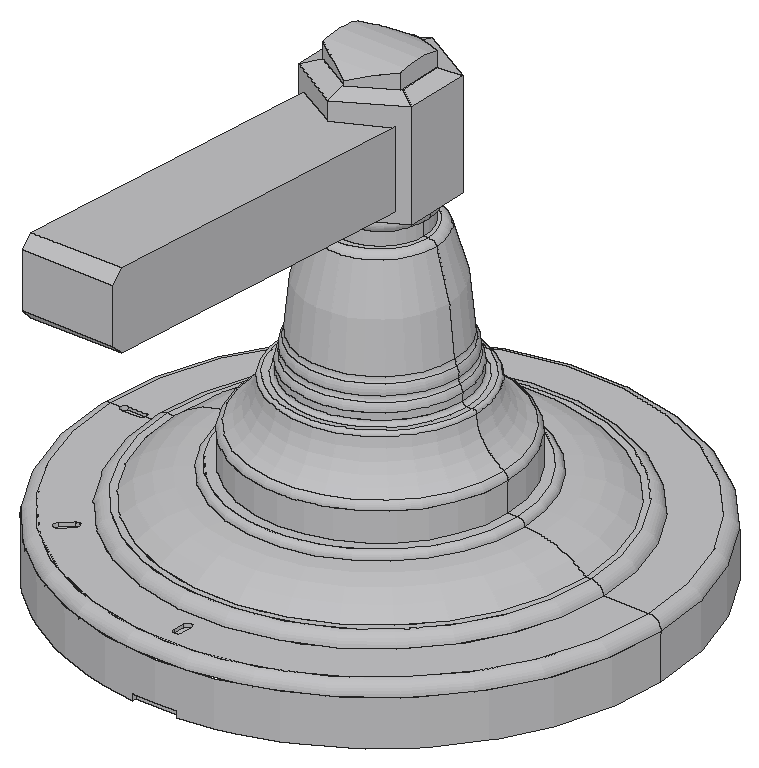
Revit family "Shower-Valve_Trim-KALLISTA-Town-P22713-1", category Specialty Equipment, host Face, Revit 2022
Family settings
  Host = Face
  Round Connector Dimension = Use Diameter
  Part Type = Normal
  OmniClass Number = 23.31.25.00
  Cut with Voids When Loaded = No
  Maintain Annotation Orientation = No
  Shared = No
  Room Calculation Point = No
Parameters (values of type "Lever Handle, CP-Chrome")
  Width = 3.97638"  # constant formula
  WaterSense Certified = 1 = 0  # no
  URL = "https://www.kallista.com/"
  Type = 5
  Product Page URL = "https://www.kallista.com/products/luxury-bathroom/showering/shower-trim/for-town-volume-control-trim-lever-handle-p22713-lv/cp-polished-chrome"
  Product Name = "Town"  # constant formula
  Product Documentation Link = "https://techcomm.kohler.com/techcomm/pdf/1245115-4.pdf"
  Model = if(Type = 1, "P22713-CR-AD", if(Type = 2, "P22713-CR-AG", if(Type = 3, "P22713-CR-CP", if(Type = 4, "P22713-LV-AD", if(Type = 5, "P22713-LV-CP", "NA")))))  # "P22713-LV-CP"
  Material = "Premium Metal Construction"  # constant formula
  Master Format 2014 Name = "Toilet, Bath, and Laundry Accessories"  # constant formula
  Master Format 2014 = "10 28 00"  # constant formula
  Manufacturer Address = "444 Highland Dr, Kohler, WI 53044"  # constant formula
  Manufacturer = "Kallista Co."  # constant formula
  Lever Handle = not(Cross Handle)  # yes
  Length = if(or(Cross Handle), 3.38583", 3.34646")  # 3.34646"
  Height = 3.97638"  # constant formula
  Handle Clearance = if(or(Cross Handle), 2.99213", 2.75591")  # 2.75591"
  Finish = Kallista-Metal-CP-Chrome
  Environmental Product Declaration = ""
  Distance = if(or(Cross Handle), 1.49606", 0")  # 0"
  Description = if(or(Type = 1, Type = 2, Type = 3), "Volume Control Trim ,Cross Handle", "Volume Control Trim, Lever Handle")  # "Volume Control Trim, Lever Handle"
  Default Elevation = 42"
  Declare Label = ""
  Date Modified = "04/30/2025"  # constant formula
  Date Created = "04/30/2025"  # constant formula
  Cross Handle = or(Type < 4)  # no
  Copyright = "Copyright Kallista Co."  # constant formula
  Contact Us = "https://www.kallista.com/corporate/contact-us/"
  Assembly Code = "C1030200"
  ADA Compliant = 1 = 1  # yes
Reference planes (in)
  plane 1 "Center (Front/Back)": y = 0
  plane 2: z = 0
  plane 3 "Center (Left/Right)": x = 0
  plane 4: z = 3.34646
  plane 5: x = 2.75591
  plane 6: x = -1.39709
  plane 7: x = -1.49606
  plane 8: x = 1.49606
  plane 9: x = -1.98819
  plane 10: x = 1.98819
  plane 11: y = 1.98819
  plane 12: y = -1.98819
  plane 13: y = -2.75591
  plane 14: y = 0
  plane 15: z = 3.34646
Dimensions and locks (in)
  "Handle Clearance": plane 13 to plane 14
  "Distance": plane 1 "Center (Front/Back)" to plane 14
  "Width": plane 9 to plane 10
  "Height": plane 12 to plane 11
  level to plane 4 = 3.34646"
  "Length": level to plane 15
  plane 15 to level = 3.34646"
  aligned and locked: plane 2 to host face
  aligned and locked: level to host face
Automatic sketch dimensions
  host sketch curve to host sketch curve = 96"  (x2)
Nested families (in)
  nested 1: "P22713-CR" at (0, 0, 0) x (0, 1, 0) z (0, 0, 1), type "P22713-CR"
  nested 2: "P22713-LV" at (0, 0, 0), type "P22713-LV"
Definition of nested family "P22713-LV"
  Parameters
    Material = none
    Lever Handle = yes
    Default Elevation = 0"
  Reference planes (in)
    plane 1 "Center (Front/Back)": y = 0
    plane 2: z = 0
    plane 3 "Center (Left/Right)": x = 0
    plane 4: x = -1.98819
    plane 5: x = 1.98819
    plane 6: z = 3.34646
    plane 7: z = 0.11811
    plane 8: y = -2.75591
    plane 9: y = -1.98819
    plane 10: y = 1.98819
    plane 11: x = -0.90551
    plane 12: x = 0.90551
    plane 13: through (0, -2.75591, 2.9365) normal (0, -0.0686, -0.9976)
  Forms (in)
    Revolve 1, solid, material <- "Material", visible <- "Lever Handle", detail levels medium+fine
      sketch origin (0, 0, 0) x (1, 0, 0) y (0, 0, 1)
        loop
          line (0, 2.43878) -> (-0.31644, 2.43878)
          arc (-0.31644, 2.43878) -> (-0.3559, 2.38845) -> (-0.31336, 2.34069) r 0.04986
          line (-0.31336, 2.34069) -> (-0.31336, 2.23871) -> (-0.34487, 2.23871)
          arc (-0.34487, 2.23871) -> (-0.37908, 2.2281) -> (-0.40128, 2.2) r 0.06047
          arc (-0.40128, 2.2) -> (-0.49576, 1.87374) -> (-0.53289, 1.53611) r 1.97377
          arc (-0.53289, 1.53611) -> (-0.53599, 1.51661) -> (-0.54413, 1.49862) r 0.07394
          arc (-0.54413, 1.49862) -> (-0.5574, 1.46503) -> (-0.55778, 1.42892) r 0.09927
          arc (-0.55778, 1.42892) -> (-0.55835, 1.4095) -> (-0.56652, 1.39187) r 0.04838
          arc (-0.56652, 1.39187) -> (-0.57987, 1.36604) -> (-0.58448, 1.33732) r 0.09183
          line (-0.58448, 1.33732) -> (-0.58448, 1.28902)
          arc (-0.58448, 1.28902) -> (-0.59277, 1.26902) -> (-0.61277, 1.26073) r 0.02829
          arc (-0.61277, 1.26073) -> (-0.63406, 1.26158) -> (-0.65523, 1.26414) r 0.26608
          arc (-0.65523, 1.26414) -> (-0.67366, 1.25943) -> (-0.68278, 1.24274) r 0.02384
          arc (-0.68278, 1.24274) -> (-0.74215, 1.0707) -> (-0.8749, 0.94621) r 0.37878
          arc (-0.8749, 0.94621) -> (-0.8973, 0.92424) -> (-0.90551, 0.89397) r 0.05987
          line (-0.90551, 0.89397) -> (-0.90551, 0.69133) -> (-0.9756, 0.69133)
          arc (-0.9756, 0.69133) -> (-1.00921, 0.67707) -> (-1.02232, 0.64299) r 0.04674
          arc (-1.02232, 0.64299) -> (-1.25424, 0.60419) -> (-1.4535, 0.47933) r 0.60068
          line (-1.4535, 0.47933) -> (-1.49706, 0.47933)
          arc (-1.49706, 0.47933) -> (-1.55486, 0.4572) -> (-1.58431, 0.40277) r 0.0891
          line (-1.58431, 0.40277) -> (-1.90358, 0.40277)
          arc (-1.90358, 0.40277) -> (-1.96341, 0.37799) -> (-1.98819, 0.31816) r 0.08461
          line (-1.98819, 0.31816) -> (-1.98819, 0) -> (0, 0) -> (0, 2.43878)
        axis (0, 0) -> (0, 2.43878)
      angle from 0 to 360
    Extrusion 2, solid, material <- "Material", visible <- "Lever Handle", detail levels medium+fine
      sketch origin (0, 0, 0) x (1, 0, 0) y (0, 1, 0)
        loop
          line (-0.39214, -0.23009) -> (-0.00343, -0.45451) -> (0.40014, -0.22151) -> (0.40014, 0.22919) -> (0.00521, 0.45721) -> (-0.39214, 0.2278) -> (-0.39214, -0.23009)
      from 2.43878 to 3.22361
    Sweep 3, solid, material <- "Material", visible <- "Lever Handle", detail levels medium+fine
      path origin (0, 0, -0.07382) x (0, 1, 0) y (0, 0, 1)
        loop
          line (-0.12885, 3.02801) -> (-2.87804, 3.22025)
      profile origin (0, -1.50344, 3.05031) x (0, -0.069756, -0.997564) y (1, 0, 0)
        loop
          line (0.45478, -0.32225) -> (0.45478, 0.31999) -> (-0.08004, 0.31999) -> (-0.08004, -0.32225) -> (0.45478, -0.32225)
    Extrusion 4, void
      sketch origin (0, 0, 0) x (0, 1, 0) y (0, 0, 1)
        loop
          line (-2.75632, 2.75174) -> (-2.75632, 3.13542) -> (-2.67898, 3.21275) -> (-2.67898, 3.24471) -> (-3.04101, 3.24471) -> (-3.09863, 2.58611) -> (-2.68091, 2.58611) -> (-2.68091, 2.67633) -> (-2.75632, 2.75174)
      from -0.58677 to 0.82906
    Sweep 5, void
      path origin (0, 0, 0) x (1, 0, 0) y (0, 1, 0)
        loop
          line (0.40014, -0.22151) -> (0.40014, 0.22919) -> (0.00521, 0.45721) -> (-0.39214, 0.2278) -> (-0.39214, -0.23009) -> (-0.00343, -0.45451) -> (0.40014, -0.22151)
      profile origin (0.40014, 0.00384, 0) x (-1, 0, 0) y (0, 0, 1)
        loop
          line (0, 3.22361) -> (0, 3.18286) -> (0.11834, 3.22361) -> (0, 3.22361)
    Extrusion 6, void
      sketch origin (0, 0, 0) x (1, 0, 0) y (0, 1, 0)
        loop
          line (-1.67919, 0.02764) -> (-1.80113, 0.02764)
          arc (-1.80113, 0.02764) -> (-1.82904, -0.00027) -> (-1.80113, -0.02818) r 0.02791
          line (-1.80113, -0.02818) -> (-1.67919, -0.02818)
          arc (-1.67919, -0.02818) -> (-1.65128, -0.00027) -> (-1.67919, 0.02764) r 0.02791
        loop
          line (0.03095, -1.77762) -> (0.03095, -1.7011)
          arc (0.03095, -1.7011) -> (-0.00023, -1.66993) -> (-0.0314, -1.7011) r 0.03118
          line (-0.0314, -1.7011) -> (-0.0314, -1.77762)
          arc (-0.0314, -1.77762) -> (-0.00023, -1.8088) -> (0.03095, -1.77762) r 0.03118
        loop
          arc (-1.28585, -1.24198) -> (-1.28585, -1.28577) -> (-1.24205, -1.28577) r 0.03097
          line (-1.24205, -1.28577) -> (-1.17383, -1.21755)
          arc (-1.17383, -1.21755) -> (-1.17383, -1.17376) -> (-1.21762, -1.17376) r 0.03097
          line (-1.21762, -1.17376) -> (-1.28585, -1.24198)
      from 0.38134 to 0.43289
    Revolve 7, solid, material <- "Material", visible <- "Lever Handle", detail levels coarse
      sketch origin (0, 0, 0) x (1, 0, 0) y (0, 0, 1)
        loop
          line (0, 2.41417) -> (-0.34596, 2.41417)
          arc (-0.34596, 2.41417) -> (-0.3827, 2.37743) -> (-0.34596, 2.34069) r 0.03674
          line (-0.34596, 2.34069) -> (-0.31336, 2.34069) -> (-0.31336, 2.23871) -> (-0.39187, 2.23871)
          arc (-0.39187, 2.23871) -> (-0.43655, 2.22416) -> (-0.46408, 2.18608) r 0.07585
          arc (-0.46408, 2.18608) -> (-0.65741, 1.61273) -> (-0.86685, 1.04507) r 21.4392
          arc (-0.86685, 1.04507) -> (-1.00516, 0.83496) -> (-1.21836, 0.70148) r 0.59055
          arc (-1.21836, 0.70148) -> (-1.42947, 0.59556) -> (-1.60927, 0.44239) r 0.98425
          arc (-1.60927, 0.44239) -> (-1.67499, 0.39553) -> (-1.75398, 0.37899) r 0.19685
          line (-1.75398, 0.37899) -> (-1.87645, 0.37899)
          arc (-1.87645, 0.37899) -> (-1.95546, 0.34626) -> (-1.98819, 0.26725) r 0.11174
          line (-1.98819, 0.26725) -> (-1.98819, 0) -> (0, 0) -> (0, 2.41417)
        axis (0, 0) -> (0, 2.41417)
      angle from 0 to 360
    Extrusion 8, solid, material <- "Material", visible <- "Lever Handle", detail levels coarse
      sketch origin (0, 0, 0) x (0, 1, 0) y (0, 0, 1)
        loop
          line (-0.14925, 3.04828) -> (-2.76976, 3.23153) -> (-2.76976, 2.68863) -> (-0.14925, 2.50539) -> (-0.14925, 3.04828)
      from -0.39214 to 0.40014
    Revolve 9, solid, material <- "Material", visible <- "Lever Handle", detail levels coarse
      sketch origin (0, 0, 0) x (1, 0, 0) y (0, 0, 1)
        loop
          line (0, 3.37106) -> (-0.24018, 3.37106)
          arc (-0.24018, 3.37106) -> (-0.45203, 3.28331) -> (-0.53978, 3.07146) r 0.2996
          line (-0.53978, 3.07146) -> (-0.53978, 2.52991)
          arc (-0.53978, 2.52991) -> (-0.50588, 2.44807) -> (-0.42404, 2.41417) r 0.11573
          line (-0.42404, 2.41417) -> (0, 2.41417) -> (0, 3.37106)
        axis (0, 2.41417) -> (0, 3.37106)
      angle from 0 to 360
    Extrusion 10, void
      sketch origin (0, 0, 0) x (1, 0, 0) y (0, 0, 1)
        loop
          line (-0.15927, 0) -> (0.15277, 0) -> (0.15277, 0.04533) -> (-0.15927, 0.04533) -> (-0.15927, 0)
      from 1.95922 to 2.17911
    Extrusion 11, solid, material <- "Material", visible <- "Lever Handle", detail levels medium+fine
      sketch origin (0, -3.34559, 0) x (1, 0, 0) y (0, 1, 0)
        loop
          line (-0.27886, 3.18949) -> (0.00349, 3.02648) -> (0.27713, 3.18646) -> (0.27713, 3.50646) -> (0, 3.66646) -> (-0.27886, 3.50342) -> (-0.27886, 3.18949)
      from 3.22361 to 3.35136
    Extrusion 12, void
      sketch origin (0, 0, 0) x (0, 1, 0) y (0, 0, 1)
        loop
          arc (-0.32802, 3.2453) -> (-0.01089, 3.34932) -> (0.31012, 3.258) r 0.5701
          line (0.31012, 3.258) -> (0.38479, 3.258) -> (0.38479, 3.40109) -> (-0.44073, 3.40109) -> (-0.44073, 3.2453) -> (-0.32802, 3.2453)
      from -0.32225 to 0.40014
  Cuts and joins
    Extrusion 4 cuts Sweep 3
    Sweep 5 cuts Extrusion 2
    Extrusion 6, Extrusion 10 cuts Revolve 1
    Extrusion 12 cuts Extrusion 11
  Lines and regions (in)
    Masking region 1, visible <- "Lever Handle", built-in parameter 1006206 <- "Lever Handle"
      outline origin (0, 0, 0) x (1, 0, 0) y (0, 0, 1)
        loop
          line (-1.98819, 0) -> (-0.16256, 0) -> (-0.16256, 0.04324) -> (0.15294, 0.04324) -> (0.15294, 0) -> (1.98819, 0) -> (1.98819, 0.30284)
          arc (1.98819, 0.30284) -> (1.95868, 0.37408) -> (1.88744, 0.40359) r 0.10075
          line (1.88744, 0.40359) -> (1.58419, 0.40359)
          arc (1.58419, 0.40359) -> (1.55455, 0.45748) -> (1.49706, 0.47933) r 0.0891
          line (1.49706, 0.47933) -> (1.4535, 0.47933)
          arc (1.4535, 0.47933) -> (1.25424, 0.60419) -> (1.02232, 0.64299) r 0.60068
          arc (1.02232, 0.64299) -> (1.00921, 0.67707) -> (0.9756, 0.69133) r 0.04674
          line (0.9756, 0.69133) -> (0.90628, 0.69133) -> (0.90628, 0.90897)
          arc (0.90628, 0.90897) -> (0.90065, 0.9278) -> (0.8856, 0.94044) r 0.03429
          arc (0.8856, 0.94044) -> (0.79378, 1.0011) -> (0.72847, 1.08968) r 0.3146
          arc (0.72847, 1.08968) -> (0.6995, 1.16296) -> (0.68303, 1.24001) r 0.47522
          arc (0.68303, 1.24001) -> (0.67517, 1.25481) -> (0.65949, 1.26073) r 0.02374
          line (0.65949, 1.26073) -> (0.60423, 1.26073)
          arc (0.60423, 1.26073) -> (0.59026, 1.26652) -> (0.58448, 1.28048) r 0.01975
          line (0.58448, 1.28048) -> (0.58448, 1.33732)
          arc (0.58448, 1.33732) -> (0.57987, 1.36604) -> (0.56652, 1.39187) r 0.09183
          arc (0.56652, 1.39187) -> (0.55835, 1.4095) -> (0.55778, 1.42892) r 0.04838
          arc (0.55778, 1.42892) -> (0.55528, 1.47375) -> (0.5333, 1.51289) r 0.09927
          arc (0.5333, 1.51289) -> (0.49798, 1.86234) -> (0.40128, 2.2) r 1.97377
          arc (0.40128, 2.2) -> (0.37908, 2.2281) -> (0.34487, 2.23871) r 0.06047
          line (0.34487, 2.23871) -> (0.31336, 2.23871) -> (0.31336, 2.34069)
          arc (0.31336, 2.34069) -> (0.3559, 2.38845) -> (0.31644, 2.43878) r 0.04986
          line (0.31644, 2.43878) -> (0.39404, 2.43878) -> (0.39404, 3.18413) -> (0.27666, 3.22455)
          arc (0.27666, 3.22455) -> (0.27829, 3.24388) -> (0.26725, 3.25983) r 0.0287
          line (0.26725, 3.25983) -> (0.23576, 3.25983) -> (0.23576, 3.29083)
          arc (0.23576, 3.29083) -> (0.19302, 3.30729) -> (0.14988, 3.32269) r 1.8416
          arc (0.14988, 3.32269) -> (0.07597, 3.3412) -> (0, 3.34693) r 0.44857
          arc (0, 3.34693) -> (-0.07597, 3.3412) -> (-0.14988, 3.32269) r 0.44857
          arc (-0.14988, 3.32269) -> (-0.19302, 3.30729) -> (-0.23576, 3.29083) r 1.8416
          line (-0.23576, 3.29083) -> (-0.23576, 3.25983) -> (-0.26725, 3.25983)
          arc (-0.26725, 3.25983) -> (-0.27829, 3.24388) -> (-0.27666, 3.22455) r 0.0287
          line (-0.27666, 3.22455) -> (-0.39404, 3.18413) -> (-0.39404, 2.43878) -> (-0.31644, 2.43878)
          arc (-0.31644, 2.43878) -> (-0.3559, 2.38845) -> (-0.31336, 2.34069) r 0.04986
          line (-0.31336, 2.34069) -> (-0.31336, 2.23871) -> (-0.34487, 2.23871)
          arc (-0.34487, 2.23871) -> (-0.37908, 2.2281) -> (-0.40128, 2.2) r 0.06047
          arc (-0.40128, 2.2) -> (-0.49798, 1.86234) -> (-0.5333, 1.51289) r 1.97377
          arc (-0.5333, 1.51289) -> (-0.55528, 1.47375) -> (-0.55778, 1.42892) r 0.09927
          arc (-0.55778, 1.42892) -> (-0.55835, 1.4095) -> (-0.56652, 1.39187) r 0.04838
          arc (-0.56652, 1.39187) -> (-0.57987, 1.36604) -> (-0.58448, 1.33732) r 0.09183
          line (-0.58448, 1.33732) -> (-0.58448, 1.28048)
          arc (-0.58448, 1.28048) -> (-0.59026, 1.26652) -> (-0.60423, 1.26073) r 0.01975
          line (-0.60423, 1.26073) -> (-0.65949, 1.26073)
          arc (-0.65949, 1.26073) -> (-0.67517, 1.25481) -> (-0.68303, 1.24001) r 0.02374
          arc (-0.68303, 1.24001) -> (-0.6995, 1.16296) -> (-0.72847, 1.08968) r 0.47522
          arc (-0.72847, 1.08968) -> (-0.79378, 1.0011) -> (-0.8856, 0.94044) r 0.3146
          arc (-0.8856, 0.94044) -> (-0.90065, 0.9278) -> (-0.90628, 0.90897) r 0.03429
          line (-0.90628, 0.90897) -> (-0.90628, 0.69133) -> (-0.9756, 0.69133)
          arc (-0.9756, 0.69133) -> (-1.00921, 0.67707) -> (-1.02232, 0.64299) r 0.04674
          arc (-1.02232, 0.64299) -> (-1.25424, 0.60419) -> (-1.4535, 0.47933) r 0.60068
          line (-1.4535, 0.47933) -> (-1.49706, 0.47933)
          arc (-1.49706, 0.47933) -> (-1.55455, 0.45748) -> (-1.58419, 0.40359) r 0.0891
          line (-1.58419, 0.40359) -> (-1.88744, 0.40359)
          arc (-1.88744, 0.40359) -> (-1.95868, 0.37408) -> (-1.98819, 0.30284) r 0.10075
          line (-1.98819, 0.30284) -> (-1.98819, 0)
    Masking region 2, visible <- "Lever Handle", built-in parameter 1006206 <- "Lever Handle"
      outline origin (0, 0, 0) x (0, 1, 0) y (0, 0, 1)
        loop
          line (0.45439, 2.43729) -> (0.45439, 3.18506) -> (0.31995, 3.22361) -> (0.31995, 3.2572)
          arc (0.31995, 3.2572) -> (0.31472, 3.27235) -> (0.30124, 3.28104) r 0.02454
          arc (0.30124, 3.28104) -> (0.22505, 3.30131) -> (0.14973, 3.32464) r 1.94869
          arc (0.14973, 3.32464) -> (0.07584, 3.34236) -> (0, 3.34728) r 0.44579
          arc (0, 3.34728) -> (-0.07584, 3.34236) -> (-0.14973, 3.32464) r 0.44579
          arc (-0.14973, 3.32464) -> (-0.22505, 3.30131) -> (-0.30124, 3.28104) r 1.94869
          arc (-0.30124, 3.28104) -> (-0.31472, 3.27235) -> (-0.31995, 3.2572) r 0.02454
          line (-0.31995, 3.2572) -> (-0.31995, 3.22361) -> (-0.45439, 3.18506) -> (-0.45439, 3.04972) -> (-2.67791, 3.2052) -> (-2.75591, 3.1272) -> (-2.75591, 2.7458) -> (-2.67902, 2.66892) -> (-0.55223, 2.59465)
          arc (-0.55223, 2.59465) -> (-0.48284, 2.56376) -> (-0.45439, 2.49334) r 0.10138
          line (-0.45439, 2.49334) -> (-0.45439, 2.43729) -> (-0.31529, 2.43729)
          arc (-0.31529, 2.43729) -> (-0.35411, 2.38691) -> (-0.31222, 2.33905) r 0.05009
          line (-0.31222, 2.33905) -> (-0.31222, 2.2392) -> (-0.34306, 2.2392)
          arc (-0.34306, 2.2392) -> (-0.38317, 2.22603) -> (-0.40768, 2.19165) r 0.06768
          arc (-0.40768, 2.19165) -> (-0.42642, 2.13271) -> (-0.44584, 2.07399) r 5.31065
          arc (-0.44584, 2.07399) -> (-0.51361, 1.79641) -> (-0.53298, 1.51132) r 1.6667
          arc (-0.53298, 1.51132) -> (-0.55457, 1.47077) -> (-0.55807, 1.42497) r 0.11204
          arc (-0.55807, 1.42497) -> (-0.55977, 1.40633) -> (-0.56926, 1.39021) r 0.04273
          arc (-0.56926, 1.39021) -> (-0.58066, 1.37221) -> (-0.58465, 1.35128) r 0.05692
          line (-0.58465, 1.35128) -> (-0.58465, 1.284)
          arc (-0.58465, 1.284) -> (-0.59105, 1.26856) -> (-0.60649, 1.26216) r 0.02184
          line (-0.60649, 1.26216) -> (-0.65069, 1.26216)
          arc (-0.65069, 1.26216) -> (-0.67219, 1.25368) -> (-0.68211, 1.23281) r 0.03149
          arc (-0.68211, 1.23281) -> (-0.74165, 1.06215) -> (-0.87989, 0.94572) r 0.34179
          arc (-0.87989, 0.94572) -> (-0.8973, 0.93055) -> (-0.90378, 0.90838) r 0.04113
          line (-0.90378, 0.90838) -> (-0.90378, 0.69291) -> (-0.95764, 0.69291)
          arc (-0.95764, 0.69291) -> (-0.98419, 0.68682) -> (-1.00781, 0.67327) r 0.09255
          arc (-1.00781, 0.67327) -> (-1.03804, 0.65569) -> (-1.07198, 0.64729) r 0.12361
          arc (-1.07198, 0.64729) -> (-1.27828, 0.59343) -> (-1.45843, 0.47938) r 0.69274
          line (-1.45843, 0.47938) -> (-1.5088, 0.47938)
          arc (-1.5088, 0.47938) -> (-1.56282, 0.45701) -> (-1.5852, 0.40299) r 0.07639
          line (-1.5852, 0.40299) -> (-1.89627, 0.40299)
          arc (-1.89627, 0.40299) -> (-1.96127, 0.37606) -> (-1.98819, 0.31107) r 0.09192
          line (-1.98819, 0.31107) -> (-1.98819, 0) -> (-0.13519, 0) -> (1.98819, 0) -> (1.98819, 0.31107)
          arc (1.98819, 0.31107) -> (1.96127, 0.37606) -> (1.89627, 0.40299) r 0.09192
          line (1.89627, 0.40299) -> (1.5852, 0.40299)
          arc (1.5852, 0.40299) -> (1.56282, 0.45701) -> (1.5088, 0.47938) r 0.07639
          line (1.5088, 0.47938) -> (1.45843, 0.47938)
          arc (1.45843, 0.47938) -> (1.27828, 0.59343) -> (1.07198, 0.64729) r 0.69274
          arc (1.07198, 0.64729) -> (1.03804, 0.65569) -> (1.00781, 0.67327) r 0.12361
          arc (1.00781, 0.67327) -> (0.98419, 0.68682) -> (0.95764, 0.69291) r 0.09255
          line (0.95764, 0.69291) -> (0.90378, 0.69291) -> (0.90378, 0.90838)
          arc (0.90378, 0.90838) -> (0.8973, 0.93055) -> (0.87989, 0.94572) r 0.04113
          arc (0.87989, 0.94572) -> (0.74165, 1.06215) -> (0.68211, 1.23281) r 0.34179
          arc (0.68211, 1.23281) -> (0.67219, 1.25368) -> (0.65069, 1.26216) r 0.03149
          line (0.65069, 1.26216) -> (0.60649, 1.26216)
          arc (0.60649, 1.26216) -> (0.59105, 1.26856) -> (0.58465, 1.284) r 0.02184
          line (0.58465, 1.284) -> (0.58465, 1.35128)
          arc (0.58465, 1.35128) -> (0.58066, 1.37221) -> (0.56926, 1.39021) r 0.05692
          arc (0.56926, 1.39021) -> (0.55977, 1.40633) -> (0.55807, 1.42497) r 0.04273
          arc (0.55807, 1.42497) -> (0.55457, 1.47077) -> (0.53298, 1.51132) r 0.11204
          arc (0.53298, 1.51132) -> (0.51361, 1.79641) -> (0.44584, 2.07399) r 1.6667
          arc (0.44584, 2.07399) -> (0.42642, 2.13271) -> (0.40768, 2.19165) r 5.31065
          arc (0.40768, 2.19165) -> (0.38317, 2.22603) -> (0.34306, 2.2392) r 0.06768
          line (0.34306, 2.2392) -> (0.31222, 2.2392) -> (0.31222, 2.33905)
          arc (0.31222, 2.33905) -> (0.35411, 2.38691) -> (0.31529, 2.43729) r 0.05009
          line (0.31529, 2.43729) -> (0.45439, 2.43729)
    Masking region 3, visible <- "Lever Handle", built-in parameter 1006206 <- "Lever Handle"
      outline origin (0, 0, 0) x (1, 0, 0) y (0, 1, 0)
        loop
          line (0.24587, -2.75591) -> (0.32203, -2.67704) -> (0.29374, -1.96637)
          arc (0.29374, -1.96637) -> (0, 1.98819) -> (-0.29374, -1.96637) r 1.98819
          line (-0.29374, -1.96637) -> (-0.32203, -2.67704) -> (-0.24587, -2.75591) -> (0.24587, -2.75591)
    symbolic lines, visible <- "Lever Handle", built-in parameter 1006206 <- "Lever Handle", detail levels medium+fine
      curve 1: line (-0.3221, 0, 3.20208) -> (0.3243, 0, 3.20208)
      curve 2: line (0.3243, 0, 3.20208) -> (0.3243, 0, 2.67178)
      curve 3: line (0.3243, 0, 2.67178) -> (0.23411, 0, 2.59611)
      curve 4: line (0.23411, 0, 2.59611) -> (-0.24554, 0, 2.59611)
      curve 5: line (-0.24554, 0, 2.59611) -> (-0.3221, 0, 2.67267)
      curve 6: line (-0.3221, 0, 2.67267) -> (-0.3221, 0, 3.20208)
      curve 7: line (-0.24841, 0, 3.13059) -> (0.24724, 0, 3.13059)
      curve 8: line (-0.24841, 0, 2.75189) -> (0.24724, 0, 2.75189)
      curve 9: line (-0.24841, 0, 3.13059) -> (-0.24841, 0, 2.75189)
      curve 10: line (0.24724, 0, 3.13059) -> (0.24724, 0, 2.75189)
      curve 11: line (-0.24841, 0, 3.13059) -> (-0.32306, 0, 3.20524)
      curve 12: line (-0.3221, 0, 2.67267) -> (-0.24289, 0, 2.75189)
      curve 13: line (0.24724, 0, 2.75189) -> (0.3243, 0, 2.67178)
      curve 14: line (0.24724, 0, 3.13059) -> (0.3243, 0, 3.20208)
      curve 15: line (-0.24554, 0, 2.59611) -> (-0.24554, 0, 2.48022)
      curve 16: line (-0.24554, 0, 2.48022) -> (0.25149, 0, 2.48022)
      curve 17: line (0.25149, 0, 2.48022) -> (0.25149, 0, 2.61069)
      curve 18: line (-0.24554, 0, 2.48022) -> (-0.23623, 0, 2.51498)
      curve 19: arc (-0.23623, 0, 2.51498) -> (-0.23181, 0, 2.55583) -> (-0.23998, 0, 2.59611) r 0.13392
      curve 20: line (0.24554, 0, 2.48022) -> (0.23623, 0, 2.51498)
      curve 21: arc (0.23623, 0, 2.51498) -> (0.23205, 0, 2.55985) -> (0.243, 0, 2.60357) r 0.13392
      curve 22: line (-0.31644, 0, 2.43878) -> (0.31644, 0, 2.43878)
      curve 23: line (-0.31336, 0, 2.34069) -> (0.31336, 0, 2.34069)
      curve 24: line (-0.31336, 0, 2.23871) -> (0.31336, 0, 2.23871)
      curve 25: line (-0.40128, 0, 2.2) -> (0.40128, 0, 2.2)
      curve 26: line (-0.5333, 0, 1.51289) -> (0.5333, 0, 1.51289)
      curve 27: line (-0.55778, 0, 1.42892) -> (0.55778, 0, 1.42892)
      curve 28: line (-0.58448, 0, 1.33732) -> (0.58448, 0, 1.33732)
      curve 29: line (0.60423, 0, 1.26073) -> (-0.60423, 0, 1.26073)
      curve 30: line (-0.58448, 0, 1.28048) -> (0.58448, 0, 1.28048)
      curve 31: line (-0.90628, 0, 0.90897) -> (0.90628, 0, 0.90897)
      curve 32: line (-0.8856, 0, 0.94044) -> (0.8856, 0, 0.94044)
      curve 33: line (-0.90628, 0, 0.69133) -> (0.90628, 0, 0.69133)
      curve 34: line (-1.98819, 0, 0.30284) -> (1.98819, 0, 0.30284)
      curve 35: line (-1.58419, 0, 0.40359) -> (1.58419, 0, 0.40359)
      curve 36: line (-1.4535, 0, 0.47933) -> (1.4535, 0, 0.47933)
      curve 37: line (-1.02232, 0, 0.64299) -> (1.05986, 0, 0.64299)
      curve 38: arc (0, 0.13409, 3.27482) -> (0, 0.00101, 3.29041) -> (0, -0.13201, 3.27426) r 0.56578
      curve 39: line (0, 0.16018, 3.22384) -> (0, 0.22834, 3.18289)
      curve 40: line (0, 0.16018, 3.22384) -> (0, 0.16018, 3.24174)
      curve 41: arc (0, 0.16018, 3.24174) -> (0, 0.15288, 3.26281) -> (0, 0.13409, 3.27482) r 0.03402
      curve 42: line (0, 0.22834, 3.18289) -> (0, 0.22834, 2.33905)
      curve 43: line (0, 0.15288, 3.26281) -> (0, -0.31931, 3.26281)
      curve 44: line (0, -0.16018, 3.22384) -> (0, -0.22834, 3.18289)
      curve 45: line (0, -0.22834, 3.18289) -> (0, -0.22834, 2.33905)
      curve 46: line (0, 0.16018, 3.22384) -> (0, -0.16018, 3.22384)
      curve 47: line (0, 0.22834, 3.18289) -> (0, -0.22834, 3.18289)
      curve 48: line (0, 0.31995, 3.23419) -> (0, -0.32003, 3.23419)
      curve 49: line (0, 0.31995, 3.24174) -> (0, -0.32003, 3.24174)
      curve 50: line (0, 0.31995, 3.25137) -> (0, -0.31748, 3.25137)
      curve 51: line (0, -0.31748, 2.49373) -> (0, -0.31748, 3.04402)
      curve 52: line (0, -0.45439, 3.0625) -> (0, -0.31748, 3.04402)
      curve 53: line (0, -0.3429, 3.02766) -> (0, -0.45439, 3.04972)
      curve 54: arc (0, -0.31748, 3.04402) -> (0, -0.32739, 3.03149) -> (0, -0.3429, 3.02766) r 0.02468
      curve 55: arc (0, -0.31748, 2.49373) -> (0, -0.43115, 2.60585) -> (0, -0.5905, 2.59599) r 0.1957
      curve 56: line (0, 1.98819, 0.31107) -> (0, -1.98819, 0.31107)
      curve 57: line (0, -1.5852, 0.40299) -> (0, 1.5852, 0.40299)
      curve 58: line (0, 1.45843, 0.47938) -> (0, -1.45843, 0.47938)
      curve 59: line (0, 0.90378, 0.69291) -> (0, -0.90378, 0.69291)
      curve 60: line (0, 1.07198, 0.64729) -> (0, -1.07198, 0.64729)
      curve 61: line (0, 1.27828, 0.59343) -> (0, -1.27828, 0.59343)
      curve 62: line (0, 0.90378, 0.90838) -> (0, -0.90378, 0.90838)
      curve 63: line (0, 0.87989, 0.94572) -> (0, -0.87989, 0.94572)
      curve 64: line (0, 0.60649, 1.26216) -> (0, -0.60649, 1.26216)
      curve 65: line (0, 0.68211, 1.23281) -> (0, -0.68211, 1.23281)
      curve 66: line (0, 0.53298, 1.51132) -> (0, -0.53298, 1.51132)
      curve 67: line (0, 0.55807, 1.42497) -> (0, -0.55807, 1.42497)
      curve 68: line (0, 0.58465, 1.35128) -> (0, -0.58465, 1.35128)
      curve 69: line (0, 0.31222, 2.2392) -> (0, -0.31222, 2.2392)
      curve 70: line (0, 0.40768, 2.19165) -> (0, -0.40768, 2.19165)
      curve 71: line (0, 0.31222, 2.33905) -> (0, -0.31222, 2.33905)
      curve 72: line (0, 0.31529, 2.43729) -> (0, -0.31529, 2.43729)
      curve 73: line (0, -0.31748, 2.49373) -> (0, -0.45439, 2.49373)
      curve 74: line (-0.39677, 0.2221, 0) -> (0, 0.45117, 0)
      curve 75: line (0, 0.45117, 0) -> (0.39627, 0.22238, 0)
      curve 76: line (0.39627, 0.22238, 0) -> (0.39627, -0.22202, 0)
      curve 77: line (0.39627, -0.22202, 0) -> (0, -0.45081, 0)
      curve 78: line (0, -0.45081, 0) -> (-0.39677, -0.22174, 0)
      curve 79: line (-0.39677, -0.22174, 0) -> (-0.39677, 0.2221, 0)
      curve 80: line (0, 0.32, 0) -> (-0.27713, 0.16, 0)
      curve 81: line (-0.27713, 0.16, 0) -> (-0.27713, -0.16, 0)
      curve 82: line (-0.27713, -0.16, 0) -> (0, -0.32, 0)
      curve 83: line (0, -0.32, 0) -> (0.27713, -0.16, 0)
      curve 84: line (0.27713, -0.16, 0) -> (0.27713, 0.16, 0)
      curve 85: line (0.27713, 0.16, 0) -> (0, 0.32, 0)
      curve 86: line (-0.23806, 0.12873, 0) -> (0, 0.27177, 0)
      curve 87: line (0, 0.27177, 0) -> (0.23465, 0.13078, 0)
      curve 88: line (0.23465, 0.13078, 0) -> (0.23465, -0.12733, 0)
      curve 89: line (0.23465, -0.12733, 0) -> (0, -0.26832, 0)
      curve 90: line (0, -0.26832, 0) -> (-0.23806, -0.13088, 0)
      curve 91: line (-0.23806, -0.13088, 0) -> (-0.23806, 0.12873, 0)
      curve 92: line (-0.25043, 0.14554, 0) -> (0, 0.29013, 0)
      curve 93: line (0, 0.29013, 0) -> (0.2526, 0.14429, 0)
      curve 94: line (0.2526, 0.14429, 0) -> (0.2526, -0.15014, 0)
      curve 95: line (0.2526, -0.15014, 0) -> (0, -0.29598, 0)
      curve 96: line (0, -0.29598, 0) -> (-0.25043, -0.14551, 0)
      curve 97: line (-0.25043, -0.14551, 0) -> (-0.25043, 0.14554, 0)
      curve 98: line (-0.26653, 0.14803, 0) -> (0.00466, 0.3046, 0)
      curve 99: line (0.00466, 0.3046, 0) -> (0.26684, 0.15322, 0)
      curve 100: line (0.26684, 0.15322, 0) -> (0.26684, -0.15316, 0)
      curve 101: line (0.26684, -0.15316, 0) -> (0, -0.30722, 0)
      curve 102: line (0, -0.30722, 0) -> (-0.26653, -0.15334, 0)
      curve 103: line (-0.26653, -0.15334, 0) -> (-0.26653, 0.14803, 0)
      curve 104: line (-0.27141, 0.15301, 0) -> (0, 0.30971, 0)
      curve 105: line (0, 0.30971, 0) -> (0.27126, 0.15669, 0)
      curve 106: line (0.27126, 0.15669, 0) -> (0.27126, -0.15677, 0)
      curve 107: line (0.27126, -0.15677, 0) -> (0, -0.31338, 0)
      curve 108: line (0, -0.31338, 0) -> (-0.27141, -0.15668, 0)
      curve 109: line (-0.27141, -0.15668, 0) -> (-0.27141, 0.15301, 0)
      curve 110: line (-0.2945, -1.98819, 0) -> (-0.29059, -1.87623, 0)
      curve 111: line (0.23567, -0.31475, 0) -> (0.24095, -0.46587, 0)
      curve 112: line (-0.25526, -0.86464, 0) -> (-0.24688, -0.6246, 0)
      curve 113: line (0.25488, -0.86475, 0) -> (0.25949, -0.99688, 0)
      curve 114: line (-0.24688, -0.6246, 0) -> (-0.24385, -0.53785, 0)
      curve 115: line (0.24649, -0.62475, 0) -> (0.25488, -0.86475, 0)
      curve 116: line (-0.24385, -0.53785, 0) -> (-0.24133, -0.46567, 0)
      curve 117: line (0.24347, -0.53803, 0) -> (0.24649, -0.62475, 0)
      curve 118: line (0.24095, -0.46587, 0) -> (0.24347, -0.53803, 0)
      curve 119: line (-0.24133, -0.46567, 0) -> (-0.23605, -0.31453, 0)
      curve 120: arc (0.24095, -0.46587, 0) -> (0.00022, 0.52449, 0) -> (-0.24133, -0.46567, 0) r 0.52449
      curve 121: line (-0.25988, -0.99678, 0) -> (-0.25526, -0.86464, 0)
      curve 122: line (0.25949, -0.99688, 0) -> (0.27507, -1.44301, 0)
      curve 123: line (-0.27546, -1.44293, 0) -> (-0.25988, -0.99678, 0)
      curve 124: line (0.27507, -1.44301, 0) -> (0.2788, -1.54993, 0)
      curve 125: line (-0.27919, -1.54986, 0) -> (-0.27546, -1.44293, 0)
      curve 126: line (0.2788, -1.54993, 0) -> (0.2902, -1.87629, 0)
      curve 127: line (-0.29059, -1.87623, 0) -> (-0.27919, -1.54986, 0)
      curve 128: line (0.2902, -1.87629, 0) -> (0.29333, -1.96593, 0)
      curve 129: arc (0.2902, -1.87629, 0) -> (-0.00197, 1.8986, 0) -> (-0.2863, -1.87689, 0) r 1.8986
      curve 130: arc (0.2788, -1.54993, 0) -> (-0.00271, 1.5748, 0) -> (-0.27346, -1.55088, 0) r 1.5748
      curve 131: arc (0.27507, -1.44301, 0) -> (-0.0011, 1.46899, 0) -> (-0.27291, -1.44342, 0) r 1.46899
      curve 132: arc (0.25949, -0.99688, 0) -> (-0.00098, 1.0301, 0) -> (-0.25759, -0.99738, 0) r 1.0301
      curve 133: arc (0.25488, -0.86475, 0) -> (-0.00458, 0.90152, 0) -> (-0.24608, -0.86729, 0) r 0.90153
      curve 134: arc (0.23452, -0.87049, 0) -> (0.00152, 0.90153, 0) -> (-0.23746, -0.86969, 0) r 0.90153
      curve 135: arc (0.24347, -0.53803, 0) -> (0.00021, 0.59055, 0) -> (-0.24385, -0.53785, 0) r 0.59055
      curve 136: arc (0.24649, -0.62475, 0) -> (0.00021, 0.67162, 0) -> (-0.24688, -0.6246, 0) r 0.67162
      curve 137: line (-0.32203, -2.67704, 0) -> (0.32203, -2.67704, 0)
      curve 138: line (0, -0.16018, 3.22384) -> (0, -0.16018, 3.23839)
      curve 139: arc (0, -0.13201, 3.27426) -> (0, -0.1523, 3.26119) -> (0, -0.16018, 3.23839) r 0.03693
    symbolic lines, detail levels medium+fine
      curve 140: line (-1.21762, -1.17376, 0) -> (-1.28585, -1.24198, 0)
      curve 141: arc (-1.17383, -1.21755, 0) -> (-1.17383, -1.17376, 0) -> (-1.21762, -1.17376, 0) r 0.03097
      curve 142: line (-1.24205, -1.28577, 0) -> (-1.17383, -1.21755, 0)
      curve 143: arc (-1.28585, -1.24198, 0) -> (-1.28585, -1.28577, 0) -> (-1.24205, -1.28577, 0) r 0.03097
      curve 144: line (-1.67919, 0.02764, 0) -> (-1.80113, 0.02764, 0)
      curve 145: arc (-1.80113, 0.02764, 0) -> (-1.82904, -0.00027, 0) -> (-1.80113, -0.02818, 0) r 0.02791
      curve 146: line (-1.80113, -0.02818, 0) -> (-1.67919, -0.02818, 0)
      curve 147: arc (-1.67919, -0.02818, 0) -> (-1.65128, -0.00027, 0) -> (-1.67919, 0.02764, 0) r 0.02791
  Dimensions and locks (in)
    aligned and locked: plane 2 to level
  Automatic sketch dimensions
    curve 120 to curve 129 = 0"  (x2)
    curve 120 to curve 133 = 0"  (x2)
    curve 129 to curve 134 = 0"  (x2)
    curve 130 to curve 135 = 0"  (x2)
    curve 131 to curve 136 = 0"  (x2)
    curve 132 to curve 134 = 0"  (x2)
    curve 132 to curve 135 = 0"  (x2)
    curve 133 to curve 136 = 0"  (x2)
    plane 9 to curve 110 = 0"
    curve 102 to plane 3 "Center (Left/Right)" = 0"
    curve 108 to plane 3 "Center (Left/Right)" = 0"
    curve 77 to plane 3 "Center (Left/Right)" = 0"
    curve 80 to plane 3 "Center (Left/Right)" = 0"
    curve 82 to plane 3 "Center (Left/Right)" = 0"
    curve 75 to plane 3 "Center (Left/Right)" = 0"
    plane 1 "Center (Front/Back)" to curve 136 = 0"
    curve 136 to plane 3 "Center (Left/Right)" = 0"
    curve 96 to plane 3 "Center (Left/Right)" = 0"
    curve 87 to plane 3 "Center (Left/Right)" = 0"
    curve 89 to plane 3 "Center (Left/Right)" = 0"
    curve 93 to plane 3 "Center (Left/Right)" = 0"
    curve 105 to plane 3 "Center (Left/Right)" = 0"
    curve 86 to plane 3 "Center (Left/Right)" = 0.23806"
    curve 119 to plane 3 "Center (Left/Right)" = 0.24133"
    curve 116 to curve 116 = 0.00252"
    curve 112 to curve 114 = 0.00303"
    curve 97 to curve 86 = 0.01237"
    curve 98 to curve 92 = 0.0161"
    curve 104 to curve 98 = 0.00488"
    curve 82 to curve 108 = 0.00572"
    curve 74 to curve 80 = 0.11964"
    curve 142 to plane 11 = 0.26832"
    curve 141 to curve 141 = 0.0219"  (x2)
    curve 140 to curve 141 = 0.0219"
    curve 142 to curve 141 = 0.06822"
    curve 143 to curve 143 = 0.0219"  (x2)
    curve 140 to curve 143 = 0.0219"
    curve 144 to plane 1 "Center (Front/Back)" = 0.02764"
    plane 4 to curve 144 = 0.18706"
    plane 3 "Center (Left/Right)" to curve 99 = 0.00466"
    plane 3 "Center (Left/Right)" to curve 87 = 0.23465"
    plane 3 "Center (Left/Right)" to curve 111 = 0.24095"
    curve 111 to curve 118 = 0.00252"
    curve 118 to curve 115 = 0.00303"
    curve 88 to curve 95 = 0.01796"
    curve 117 to curve 113 = 0.00838"
    curve 115 to curve 113 = 0.00461"
    curve 93 to curve 99 = 0.01424"
    curve 100 to curve 106 = 0.00441"
    plane 3 "Center (Left/Right)" to curve 124 = 0.27507"
    curve 105 to curve 84 = 0.00587"
    curve 122 to curve 126 = 0.00373"
    curve 126 to plane 9 = 0.1119"
    curve 84 to curve 75 = 0.11915"
    curve 130 to curve 124 = 0.10692"
    curve 142 to plane 9 = 0.70242"
    curve 142 to curve 142 = 0.06822"
    curve 131 to curve 122 = 0.44613"
    curve 132 to curve 113 = 0.13213"
    curve 133 to curve 117 = 0.24"
    curve 136 to curve 118 = 0.08672"
    curve 135 to curve 118 = 0.07216"
    curve 120 to curve 77 = 0.01506"
    curve 77 to curve 82 = 0.13081"
    curve 82 to curve 108 = 0.00662"
    curve 107 to curve 101 = 0.00616"
    curve 101 to curve 95 = 0.01124"
    curve 95 to curve 90 = 0.02766"
    plane 1 "Center (Front/Back)" to curve 76 = 0.22202"
    plane 1 "Center (Front/Back)" to curve 79 = 0.22174"
    curve 78 to curve 81 = 0.06174"
    curve 76 to curve 83 = 0.06202"
    curve 83 to curve 106 = 0.00323"
    curve 81 to curve 108 = 0.00332"
    curve 108 to curve 102 = 0.00334"
    curve 106 to curve 101 = 0.00361"
    curve 100 to curve 94 = 0.00302"
    curve 102 to curve 96 = 0.00783"
    curve 96 to curve 90 = 0.01463"
    curve 94 to curve 89 = 0.02281"
    plane 1 "Center (Front/Back)" to curve 145 = 0.00027"
    curve 91 to plane 1 "Center (Front/Back)" = 0.12873"
    curve 88 to plane 1 "Center (Front/Back)" = 0.13078"
    curve 87 to curve 93 = 0.01351"
    curve 86 to curve 97 = 0.01681"
    curve 92 to curve 98 = 0.00249"
    curve 98 to curve 104 = 0.00498"
    curve 93 to curve 99 = 0.00894"
    curve 99 to curve 105 = 0.00347"
    curve 104 to curve 80 = 0.00699"
    curve 105 to curve 85 = 0.00331"
    curve 80 to curve 74 = 0.0621"
    curve 84 to curve 76 = 0.06238"
    curve 120 to curve 87 = 0.27177"
    curve 86 to curve 92 = 0.01836"
    curve 92 to curve 99 = 0.01447"
    curve 98 to curve 105 = 0.00511"
    curve 104 to curve 85 = 0.01029"
    curve 80 to curve 75 = 0.13117"
    curve 120 to curve 119 = 0.00528"
    curve 134 to plane 3 "Center (Left/Right)" = 0.23746"
    curve 133 to curve 134 = 0.00863"
    curve 114 to curve 112 = 0"
    curve 121 to curve 133 = 0.00918"
    curve 112 to curve 121 = 0"
    curve 132 to curve 134 = 0.02013"
    curve 123 to curve 132 = 0.00229"
    curve 121 to curve 123 = 0"
    curve 131 to plane 3 "Center (Left/Right)" = 0.27291"
    curve 130 to curve 131 = 0.00056"
    curve 123 to curve 131 = 0.00255"
    curve 125 to curve 123 = 0"
    curve 127 to curve 130 = 0.00573"
    curve 125 to curve 127 = 0"
    curve 129 to plane 9 = 0.1113"
    curve 110 to plane 9 = 0.11196"
    curve 127 to plane 9 = 0.11196"
    curve 110 to curve 129 = 0.00819"
    curve 137 to plane 8 = 0.07887"
    curve 137 to plane 3 "Center (Left/Right)" = 0.32203"
    curve 144 to curve 144 = 0.12193"
    curve 134 to curve 133 = 0.02036"
    curve 111 to curve 120 = 0.00528"
    curve 128 to plane 9 = 0.02225"
    curve 126 to curve 128 = 0.00313"
    plane 3 "Center (Left/Right)" to curve 137 = 0.32203"
    curve 134 to curve 133 = 0.00574"
    curve 34 to plane 4 = 0"
    curve 34 to plane 5 = 0"
    curve 19 to plane 3 "Center (Left/Right)" = 0.36558"
    curve 19 to curve 12 = 0.04347"
    curve 1 to curve 7 = 0.0737"
    curve 19 to curve 15 = 0.12004"
    curve 15 to curve 18 = 0.00931"
    plane 3 "Center (Left/Right)" to curve 3 = 0.23411"
    curve 3 to curve 20 = 0.00212"
    curve 3 to curve 10 = 0.01313"
    curve 20 to curve 17 = 0.01526"
    curve 17 to curve 3 = 0.07281"
    curve 2 to curve 21 = 0.04128"
    curve 18 to plane 6 = 0.86624"
    curve 15 to curve 18 = 0.03476"
    curve 20 to curve 20 = 0.03476"
    curve 19 to curve 19 = 0.03466"
    curve 16 to curve 21 = 0.06942"
    curve 18 to curve 4 = 0.08113"
    curve 3 to curve 13 = 0.07568"
    curve 4 to curve 5 = 0.07656"
    curve 2 to curve 10 = 0.0801"
    curve 14 to plane 6 = 0.21587"
    curve 7 to curve 1 = 0.07149"
    plane 4 to curve 35 = 0.404"
    curve 35 to curve 36 = 0.13068"
    curve 37 to plane 11 = 0.1168"
    curve 31 to plane 11 = 0.00077"
    curve 33 to plane 11 = 0.00077"
    plane 11 to curve 32 = 0.01991"
    plane 11 to curve 29 = 0.30128"
    curve 29 to curve 28 = 0.01975"
    curve 29 to curve 30 = 0.01975"  (x2)
    curve 28 to curve 27 = 0.0267"
    curve 27 to curve 26 = 0.02448"
    curve 25 to curve 15 = 0.15574"
    curve 11 to plane 6 = 0.14121"
    curve 11 to curve 1 = 0.00096"
    curve 22 to curve 15 = 0.0709"
    curve 25 to curve 24 = 0.08792"
    curve 22 to curve 23 = 0.00308"
    curve 20 to curve 16 = 0.00595"
    curve 16 to curve 24 = 0.06187"
    curve 23 to curve 24 = 0"
    curve 16 to curve 22 = 0.06495"
    curve 24 to curve 25 = 0.08792"
    curve 26 to plane 12 = 0.37221"
    curve 26 to curve 27 = 0.02448"
    curve 27 to curve 30 = 0.0267"
    curve 28 to curve 30 = 0"
    curve 30 to curve 29 = 0.01975"
    curve 32 to plane 12 = 0.01991"
    plane 12 to curve 31 = 0.00077"
    plane 12 to curve 33 = 0.00077"
    plane 12 to curve 37 = 0.15435"
    curve 37 to curve 36 = 0.39364"
    curve 36 to curve 35 = 0.13068"
    curve 22 to curve 15 = 0.04144"
    curve 23 to curve 22 = 0.09809"
    curve 24 to curve 23 = 0.10198"
    curve 25 to curve 24 = 0.03871"
    curve 26 to curve 25 = 0.68711"
    curve 27 to curve 26 = 0.08397"
    curve 28 to curve 27 = 0.0916"
    curve 30 to curve 28 = 0.05684"
    curve 32 to curve 29 = 41/128"
    curve 31 to curve 32 = 0.03147"
    curve 33 to curve 31 = 0.21763"
    curve 37 to curve 33 = 0.04835"
    plane 7 to curve 36 = 0.36122"
    curve 35 to curve 36 = 0.07573"
    plane 7 to curve 34 = 0.18473"
    Masking region 1 sketch curve to plane 4 = 0"
    Masking region 1 sketch curve to level = 0"  (x2)
    Masking region 1 sketch curve to plane 3 "Center (Left/Right)" = 0"
    Masking region 1 sketch curve to plane 5 = 0"
    plane 4 to Masking region 1 sketch curve = 0.10075"
    Masking region 1 sketch curve to Masking region 1 sketch curve = 0.30325"
    Masking region 1 sketch curve to Masking region 1 sketch curve = 0.08712"
    Masking region 1 sketch curve to Masking region 1 sketch curve = 0.00097"
    Masking region 1 sketch curve to Masking region 1 sketch curve = 0.04356"  (x2)
    Masking region 1 sketch curve to plane 11 = 0.53482"
    Masking region 1 sketch curve to plane 11 = 0.24888"
    level to Masking region 1 sketch curve = 0.0426"  (x2)
    Masking region 1 sketch curve to plane 11 = 0.13558"
    Masking region 1 sketch curve to plane 11 = 0.10492"
    Masking region 1 sketch curve to plane 11 = 0.07009"
    Masking region 1 sketch curve to plane 11 = 0.00077"
    plane 11 to Masking region 1 sketch curve = 0.03352"
    plane 11 to Masking region 1 sketch curve = 0.24602"
    Masking region 1 sketch curve to Masking region 1 sketch curve = 0.05405"
    Masking region 1 sketch curve to Masking region 1 sketch curve = 0.05526"  (x2)
    Masking region 1 sketch curve to Masking region 1 sketch curve = 0.01975"  (x2)
    Masking region 1 sketch curve to Masking region 1 sketch curve = 0.09183"  (x2)
    Masking region 1 sketch curve to Masking region 1 sketch curve = 0.03266"  (x2)
    Masking region 1 sketch curve to Masking region 1 sketch curve = 0.01236"  (x2)
    Masking region 1 sketch curve to plane 3 "Center (Left/Right)" = 0.39404"
    Masking region 1 sketch curve to Masking region 1 sketch curve = 0.04918"
    Masking region 1 sketch curve to Masking region 1 sketch curve = 0.07761"  (x2)
    Masking region 1 sketch curve to Masking region 1 sketch curve = 0.03151"  (x2)
    Masking region 1 sketch curve to Masking region 1 sketch curve = 0.0073"  (x2)
    Masking region 1 sketch curve to plane 6 = 0.12191"  (x2)
    Masking region 1 sketch curve to Masking region 1 sketch curve = 0.11738"
    Masking region 1 sketch curve to Masking region 1 sketch curve = 0.00941"
    Masking region 1 sketch curve to Masking region 1 sketch curve = 0.0261"  (x2)
    Masking region 1 sketch curve to Masking region 1 sketch curve = 0.01481"  (x2)
    Masking region 1 sketch curve to plane 3 "Center (Left/Right)" = 0.16256"
    Masking region 1 sketch curve to plane 3 "Center (Left/Right)" = 0.00434"
    plane 3 "Center (Left/Right)" to Masking region 1 sketch curve = 0.00434"
    plane 3 "Center (Left/Right)" to Masking region 1 sketch curve = 0.15294"
    Masking region 1 sketch curve to plane 6 = 0.08663"
    plane 3 "Center (Left/Right)" to Masking region 1 sketch curve = 0.23576"
    Masking region 1 sketch curve to Masking region 1 sketch curve = 0.01669"
    plane 3 "Center (Left/Right)" to Masking region 1 sketch curve = 0.30606"
    Masking region 1 sketch curve to Masking region 1 sketch curve = 0.01037"
    plane 3 "Center (Left/Right)" to Masking region 1 sketch curve = 0.44762"
    Masking region 1 sketch curve to Masking region 1 sketch curve = 0.02096"
    Masking region 1 sketch curve to plane 12 = 0.03352"
    plane 12 to Masking region 1 sketch curve = 0.00077"
    plane 12 to Masking region 1 sketch curve = 0.07009"
    plane 12 to Masking region 1 sketch curve = 0.10492"
    plane 12 to Masking region 1 sketch curve = 0.13558"
    Masking region 1 sketch curve to Masking region 1 sketch curve = 0.14395"
    Masking region 1 sketch curve to Masking region 1 sketch curve = 0.28594"
    Masking region 1 sketch curve to Masking region 1 sketch curve = 0.4779"
    Masking region 1 sketch curve to Masking region 1 sketch curve = 0.04259"
    Masking region 1 sketch curve to Masking region 1 sketch curve = 0.0881"
    Masking region 1 sketch curve to plane 5 = 0.10075"
    Masking region 1 sketch curve to Masking region 1 sketch curve = 0.04324"
    plane 7 to Masking region 1 sketch curve = 0.18473"  (x2)
    Masking region 1 sketch curve to Masking region 1 sketch curve = 0.01336"  (x2)
    Masking region 1 sketch curve to Masking region 1 sketch curve = 0.16526"  (x2)
    Masking region 1 sketch curve to Masking region 1 sketch curve = 0.04674"  (x2)
    Masking region 1 sketch curve to Masking region 1 sketch curve = 0.21763"  (x2)
    Masking region 1 sketch curve to Masking region 1 sketch curve = 0.32024"  (x2)
    Masking region 1 sketch curve to Masking region 1 sketch curve = 0.00779"  (x2)
    Masking region 1 sketch curve to Masking region 1 sketch curve = 0.02374"  (x2)
    Masking region 1 sketch curve to Masking region 1 sketch curve = 0.07123"  (x2)
    Masking region 1 sketch curve to Masking region 1 sketch curve = 0.05684"  (x2)
    Masking region 1 sketch curve to Masking region 1 sketch curve = 0.08329"  (x2)
    Masking region 1 sketch curve to Masking region 1 sketch curve = 0.10865"  (x2)
    Masking region 1 sketch curve to Masking region 1 sketch curve = 0.18948"  (x2)
    Masking region 1 sketch curve to Masking region 1 sketch curve = 0.13475"  (x2)
    Masking region 1 sketch curve to Masking region 1 sketch curve = 0.59754"  (x2)
    Masking region 1 sketch curve to Masking region 1 sketch curve = 0.06047"  (x2)
    Masking region 1 sketch curve to Masking region 1 sketch curve = 0.10198"  (x2)
    Masking region 1 sketch curve to Masking region 1 sketch curve = 0.04932"  (x2)
    Masking region 1 sketch curve to Masking region 1 sketch curve = 0.33809"
    Masking region 1 sketch curve to Masking region 1 sketch curve = 0"  (x10)
    Masking region 1 sketch curve to Masking region 1 sketch curve = 0.04042"  (x2)
    Masking region 1 sketch curve to Masking region 1 sketch curve = 0.01194"
    Masking region 1 sketch curve to Masking region 1 sketch curve = 0.031"  (x2)
    Masking region 1 sketch curve to Masking region 1 sketch curve = 0.02448"
    Masking region 1 sketch curve to Masking region 1 sketch curve = 0.07332"
    Masking region 2 sketch curve to plane 8 = 0"
    Masking region 2 sketch curve to plane 9 = 0"
    Masking region 2 sketch curve to level = 0"
    Masking region 2 sketch curve to plane 1 "Center (Front/Back)" = 0"
    Masking region 2 sketch curve to plane 10 = 0"
    plane 6 to Masking region 2 sketch curve = 0.42476"  (x2)
    plane 8 to Masking region 2 sketch curve = 2.72207"
    Masking region 2 sketch curve to plane 8 = 0.07688"
    Masking region 2 sketch curve to plane 8 = 0.078"
    Masking region 2 sketch curve to plane 9 = 0.09192"
    Masking region 2 sketch curve to Masking region 2 sketch curve = 0.31107"
    Masking region 2 sketch curve to Masking region 2 sketch curve = 0.07639"  (x2)
    Masking region 2 sketch curve to Masking region 2 sketch curve = 0.05037"  (x2)
    Masking region 2 sketch curve to plane 9 = 0.85473"
    Masking region 2 sketch curve to Masking region 2 sketch curve = 0.374"  (x2)
    Masking region 2 sketch curve to Masking region 2 sketch curve = 0.11035"  (x2)
    Masking region 2 sketch curve to level = 0.04193"  (x2)
    Masking region 2 sketch curve to Masking region 2 sketch curve = 0.50657"
    Masking region 2 sketch curve to Masking region 2 sketch curve = 0.12678"  (x2)
    Masking region 2 sketch curve to Masking region 2 sketch curve = 0.00719"
    Masking region 2 sketch curve to Masking region 2 sketch curve = 0.05386"  (x2)
    Masking region 2 sketch curve to Masking region 2 sketch curve = 0.04113"  (x2)
    plane 1 "Center (Front/Back)" to Masking region 2 sketch curve = 0.76401"
    Masking region 2 sketch curve to Masking region 2 sketch curve = 0.37242"
    Masking region 2 sketch curve to Masking region 2 sketch curve = 0.0442"  (x2)
    Masking region 2 sketch curve to Masking region 2 sketch curve = 0.00605"
    Masking region 2 sketch curve to Masking region 2 sketch curve = 0.01579"  (x2)
    plane 1 "Center (Front/Back)" to Masking region 2 sketch curve = 0.55576"
    Masking region 2 sketch curve to Masking region 2 sketch curve = 0.00354"
    Masking region 2 sketch curve to Masking region 2 sketch curve = 0.05692"  (x2)
    Masking region 2 sketch curve to plane 6 = 0.1614"  (x2)
    plane 1 "Center (Front/Back)" to Masking region 2 sketch curve = 0.45439"
    Masking region 2 sketch curve to Masking region 2 sketch curve = 0.10138"
    Masking region 2 sketch curve to Masking region 2 sketch curve = 0.08074"  (x2)
    Masking region 2 sketch curve to Masking region 2 sketch curve = 0.11133"
    Masking region 2 sketch curve to Masking region 2 sketch curve = 0.13443"  (x2)
    Masking region 2 sketch curve to Masking region 2 sketch curve = 0.13909"
    Masking region 2 sketch curve to Masking region 2 sketch curve = 0.03084"  (x2)
    Masking region 2 sketch curve to Masking region 2 sketch curve = 0.00818"  (x2)
    Masking region 2 sketch curve to Masking region 2 sketch curve = 0.02454"  (x2)
    plane 1 "Center (Front/Back)" to Masking region 2 sketch curve = 0.13519"
    plane 1 "Center (Front/Back)" to Masking region 2 sketch curve = 0.00921"
    Masking region 2 sketch curve to plane 1 "Center (Front/Back)" = 0.00921"
    Masking region 2 sketch curve to plane 6 = 0.08926"
    Masking region 2 sketch curve to plane 1 "Center (Front/Back)" = 0.29541"
    Masking region 2 sketch curve to plane 1 "Center (Front/Back)" = 0.30404"
    Masking region 2 sketch curve to Masking region 2 sketch curve = 0.01126"
    Masking region 2 sketch curve to plane 1 "Center (Front/Back)" = 0.44698"
    Masking region 2 sketch curve to Masking region 2 sketch curve = 0.02184"
    Masking region 2 sketch curve to plane 1 "Center (Front/Back)" = 0.76401"
    Masking region 2 sketch curve to Masking region 2 sketch curve = 0.21196"
    Masking region 2 sketch curve to Masking region 2 sketch curve = 0.04667"
    Masking region 2 sketch curve to Masking region 2 sketch curve = 0.05178"
    Masking region 2 sketch curve to Masking region 2 sketch curve = 0.11933"
    Masking region 2 sketch curve to Masking region 2 sketch curve = 0.09192"
    Masking region 2 sketch curve to plane 10 = 3.48979"
    plane 7 to Masking region 2 sketch curve = 0.19296"  (x2)
    plane 7 to Masking region 2 sketch curve = 0.48253"  (x2)
    Masking region 2 sketch curve to Masking region 2 sketch curve = 0.09227"  (x2)
    Masking region 2 sketch curve to Masking region 2 sketch curve = 0.07736"  (x2)
    Masking region 2 sketch curve to Masking region 2 sketch curve = 0.21547"  (x2)
    Masking region 2 sketch curve to Masking region 2 sketch curve = 0.32228"  (x2)
    Masking region 2 sketch curve to Masking region 2 sketch curve = 89/256"  (x2)
    Masking region 2 sketch curve to Masking region 2 sketch curve = 0.03149"  (x2)
    Masking region 2 sketch curve to Masking region 2 sketch curve = 0.06728"  (x2)
    Masking region 2 sketch curve to Masking region 2 sketch curve = 0.06814"  (x2)
    Masking region 2 sketch curve to Masking region 2 sketch curve = 0.08822"  (x2)
    Masking region 2 sketch curve to Masking region 2 sketch curve = 0.28528"  (x2)
    Masking region 2 sketch curve to Masking region 2 sketch curve = 0.73201"
    Masking region 2 sketch curve to Masking region 2 sketch curve = 0"  (x16)
    Masking region 2 sketch curve to Masking region 2 sketch curve = 0.06768"  (x2)
    Masking region 2 sketch curve to Masking region 2 sketch curve = 0.09986"  (x2)
    Masking region 2 sketch curve to Masking region 2 sketch curve = 0.04942"  (x2)
    Masking region 2 sketch curve to Masking region 2 sketch curve = 0.05605"
    Masking region 2 sketch curve to plane 6 = 0.67754"
    Masking region 2 sketch curve to Masking region 2 sketch curve = 0.07688"
    Masking region 2 sketch curve to plane 6 = 0.44488"
    Masking region 2 sketch curve to Masking region 2 sketch curve = 0.13534"
    Masking region 2 sketch curve to plane 6 = 0.21926"
    Masking region 2 sketch curve to Masking region 2 sketch curve = 0.078"
    Masking region 2 sketch curve to Masking region 2 sketch curve = 0.03359"  (x2)
    Masking region 2 sketch curve to plane 6 = 0.12285"
    plane 6 to Masking region 2 sketch curve = 1.82753"
    Masking region 2 sketch curve to Masking region 2 sketch curve = 0.0251"
    Masking region 2 sketch curve to Masking region 2 sketch curve = 0.08599"
    plane 8 to Masking region 3 sketch curve = 0"
    plane 1 "Center (Front/Back)" to Masking region 3 sketch curve = 0"
    Masking region 3 sketch curve to plane 3 "Center (Left/Right)" = 0"
    Masking region 3 sketch curve to plane 3 "Center (Left/Right)" = 0.24587"
    Masking region 3 sketch curve to plane 9 = 0.02182"  (x2)
    Masking region 3 sketch curve to plane 3 "Center (Left/Right)" = 0.29374"
    Masking region 3 sketch curve to plane 8 = 0.07887"  (x2)
    Masking region 3 sketch curve to Masking region 3 sketch curve = 0.07616"  (x2)
    plane 3 "Center (Left/Right)" to Masking region 3 sketch curve = 0.24587"
    Revolve 1 sketch curve to level = 0"
    Revolve 1 sketch curve to plane 4 = 0"
    Revolve 1 sketch curve to plane 11 = 0"
    Revolve 1 sketch curve to plane 3 "Center (Left/Right)" = 0"  (x2)
    plane 4 to Revolve 1 sketch curve = 0.08461"
    Revolve 1 sketch curve to Revolve 1 sketch curve = 0.31927"
    Revolve 1 sketch curve to Revolve 1 sketch curve = 0.08724"
    Revolve 1 sketch curve to Revolve 1 sketch curve = 0.08822"
    Revolve 1 sketch curve to Revolve 1 sketch curve = 0.04356"
    Revolve 1 sketch curve to plane 11 = 0.15452"
    level to Revolve 1 sketch curve = 0.0426"
    Revolve 1 sketch curve to plane 11 = 0.13558"
    Revolve 1 sketch curve to plane 11 = 0.07009"
    plane 11 to Revolve 1 sketch curve = 0.05987"
    plane 11 to Revolve 1 sketch curve = 0.24648"
    Revolve 1 sketch curve to Revolve 1 sketch curve = 0.04626"
    Revolve 1 sketch curve to Revolve 1 sketch curve = 0.00596"
    Revolve 1 sketch curve to Revolve 1 sketch curve = 0.00733"
    Revolve 1 sketch curve to Revolve 1 sketch curve = 0.02829"
    Revolve 1 sketch curve to Revolve 1 sketch curve = 0.09183"
    Revolve 1 sketch curve to Revolve 1 sketch curve = 0.03266"
    Revolve 1 sketch curve to plane 3 "Center (Left/Right)" = 0.34487"
    Revolve 1 sketch curve to Revolve 1 sketch curve = 0.02843"
    Revolve 1 sketch curve to Revolve 1 sketch curve = 0.03151"
    Revolve 1 sketch curve to Revolve 1 sketch curve = 0.01037"
    plane 12 to Revolve 1 sketch curve = 0.53482"
    plane 7 to Revolve 1 sketch curve = 0.20005"
    Revolve 1 sketch curve to Revolve 1 sketch curve = 0.01254"
    Revolve 1 sketch curve to Revolve 1 sketch curve = 0.16526"
    Revolve 1 sketch curve to Revolve 1 sketch curve = 0.04674"
    Revolve 1 sketch curve to Revolve 1 sketch curve = 0.20264"
    Revolve 1 sketch curve to Revolve 1 sketch curve = 0.34663"
    Revolve 1 sketch curve to Revolve 1 sketch curve = 0.03606"
    Revolve 1 sketch curve to Revolve 1 sketch curve = 0.04842"
    Revolve 1 sketch curve to Revolve 1 sketch curve = 0.0483"
    Revolve 1 sketch curve to Revolve 1 sketch curve = 0.08329"
    Revolve 1 sketch curve to Revolve 1 sketch curve = 0.10865"
    plane 7 to Revolve 1 sketch curve = 1.37182"
    Revolve 1 sketch curve to Revolve 1 sketch curve = 0.1062"
    Revolve 1 sketch curve to Revolve 1 sketch curve = 0.01103"
    Revolve 1 sketch curve to Revolve 1 sketch curve = 0.6404"
    Revolve 1 sketch curve to Revolve 1 sketch curve = 0.06047"
    Revolve 1 sketch curve to Revolve 1 sketch curve = 0.10198"
